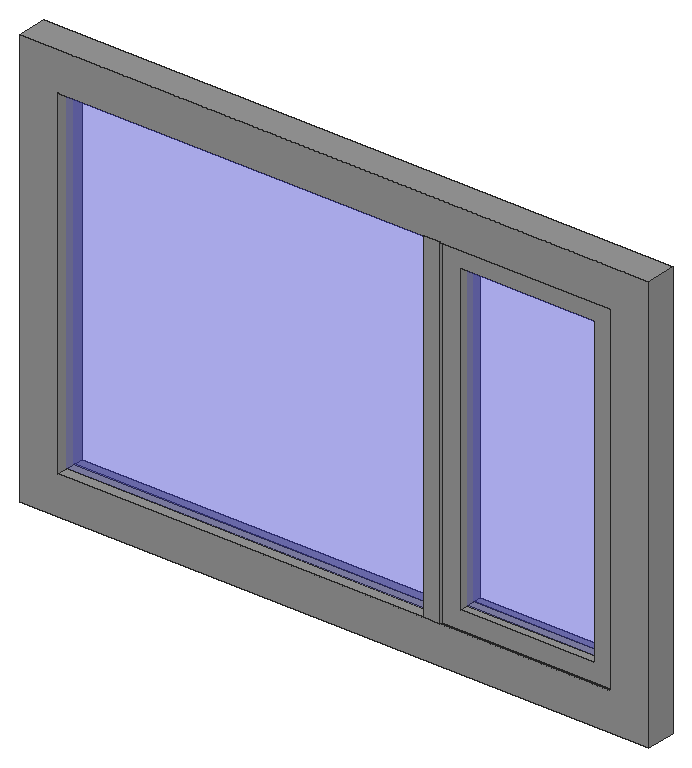
Revit family "Family22", category Windows, host Wall, Revit 2018
Family settings
  Host = Wall
  OmniClass Number = 23.30.20.00
  OmniClass Title = Windows
  Always vertical = Yes
  Cut with Voids When Loaded = No
  Shared = No
  Room Calculation Point = No
Parameters
  Window Frame = White
  Visual Light Transmittance = 0.81
  URL = "www.skywardwindows.co.za"
  Thermal Resistance (R) = 0.3196 (m²·K)/W
  Telephone = "021 276 1800"
  Solar Heat Gain Coefficient = 0.76
  Manufacturer = "Skyward Windows"
  Height = 1190 mm
  Heat Transfer Coefficient (U) = 3.1292 W/(m²·K)
  Glass Thickness = 4 mm
  Glass = Glass
  Frame Width = 46.195 mm
  Email Address = "info@skywardwindows.co.za"
  Default Sill Height = 800 mm
  Wall Closure = By host
  Width = 1790 mm
  Company Address = "Charles Matthews Street Atlantis 7349"
  Analytic Construction = "Double glazing - domestic"
Reference planes
  plane 1 "Center (Front/Back)": y = 0
  plane 2 "Center (Left/Right)": x = 0
  plane 3 "Left": x = -895
  plane 4 "Right": x = 895
  plane 5 "Sill": z = 800
  plane 6 "Head": z = 1990
  plane 7 "Exterior": y = 100
  plane 8 "Interior": y = -100
Forms (mm)
  Extrusion 1, solid, material "White" <- "Window Frame"
    sketch origin (0, -100, 0) x (1, 0, 0) y (0, 0, 1)
      loop
        line (-895, 1990) -> (-895, 800) -> (895, 800) -> (895, 1990) -> (-895, 1990)
      loop
        line (-786, 909) -> (786, 909) -> (786, 1881) -> (-786, 1881) -> (-786, 909)
    from -142 to -58
  Extrusion 2, solid, material "White" <- "Window Frame"
    sketch origin (0, -100, 0) x (1, 0, 0) y (0, 0, 1)
      loop
        line (300, 1881) -> (300, 909) -> (786, 909) -> (786, 1881) -> (300, 1881)
      loop
        line (353.034, 1831) -> (353.034, 959) -> (736, 959) -> (736, 1831) -> (353.034, 1831)
    from -134.904 to -64.489
  Extrusion 3, solid, material "White" <- "Window Frame"
    sketch origin (0, -100, 0) x (1, 0, 0) y (0, 0, 1)
      loop
        line (300, 1881) -> (253.805, 1881) -> (253.805, 909) -> (300, 909) -> (300, 1881)
    from -142 to -58
  Extrusion 4, solid, material "Glass" <- "Glass"
    sketch origin (0, 0, 0) x (1, 0, 0) y (0, 1, 0)
      loop
        line (-786, 14) -> (-786, 10) -> (253.805, 10) -> (253.805, 14) -> (-786, 14)
      loop
        line (253.805, -14) -> (253.805, -10) -> (-786, -10) -> (-786, -14) -> (253.805, -14)
    from 909 to 1881
  Extrusion 5, solid, material "Glass" <- "Glass"
    sketch origin (0, 0, 0) x (1, 0, 0) y (0, 1, 0)
      loop
        line (353.034, 14) -> (353.034, 10) -> (736, 10) -> (736, 14) -> (353.034, 14)
      loop
        line (736, -14) -> (736, -10) -> (353.034, -10) -> (353.034, -14) -> (736, -14)
    from 959 to 1831
Lines and regions (mm)
  Opening 1
    outline origin (3500, -100, 0) x (1, 0, 0) y (0, 0, 1)
      loop
        line (-2605, 800) -> (-2605, 1990) -> (-4395, 1990) -> (-4395, 800) -> (-2605, 800)
Text (mm)
  text "EXTERIOR" at (-1963.203, 1332.353, 0), in view "Ref. Level"
  text "INTERIOR" at (-1981.466, -818.386, 0), in view "Ref. Level"
  text "Exterior" at (0, 923.751, 2943.296), in view "Right"
  text "Exterior" at (0, 1040.484, 2685.409), in view "Left"
Dimensions and locks
  equal spacing: plane 3 "Left", plane 2 "Center (Left/Right)", plane 4 "Right"
  "Width": plane 3 "Left" to plane 4 "Right"
  "Height": plane 5 "Sill" to plane 6 "Head"
  "Default Sill Height": plane 5 "Sill" to level
  locked: plane 7 "Exterior" to host wall at 0
  locked: plane 8 "Interior" to host wall
  "Glass Thickness": Extrusion 4 to Extrusion 4
  "Glass Thickness": Extrusion 5 to Extrusion 5
  aligned and locked: Extrusion 1 sketch curve to host wall  (x4)
Automatic sketch dimensions
  Opening 1 sketch curve to plane 3 "Left" = 0 mm
  Opening 1 sketch curve to plane 4 "Right" = 0 mm
  Opening 1 sketch curve to plane 5 "Sill" = 0 mm
  Opening 1 sketch curve to plane 6 "Head" = 0 mm
  Extrusion 1 sketch curve to plane 3 "Left" = 109 mm
  plane 4 "Right" to Extrusion 1 sketch curve = 109 mm
  Extrusion 1 sketch curve to plane 5 "Sill" = 109 mm
  plane 6 "Head" to Extrusion 1 sketch curve = 109 mm
  Extrusion 2 sketch curve to plane 5 "Sill" = 109 mm
  Extrusion 2 sketch curve to plane 2 "Center (Left/Right)" = 300 mm
  Extrusion 2 sketch curve to Extrusion 2 sketch curve = 53.034 mm
  plane 4 "Right" to Extrusion 2 sketch curve = 159 mm
  Extrusion 2 sketch curve to Extrusion 2 sketch curve = 50 mm  (x3)
  plane 6 "Head" to Extrusion 2 sketch curve = 159 mm
  Extrusion 3 sketch curve to Extrusion 3 sketch curve = 46.195 mm
  Extrusion 3 sketch curve to plane 5 "Sill" = 109 mm
  plane 6 "Head" to Extrusion 3 sketch curve = 109 mm
  Extrusion 3 sketch curve to plane 2 "Center (Left/Right)" = 253.805 mm
  Extrusion 4 sketch curve to host wall = 14 mm
  Extrusion 4 sketch curve to plane 3 "Left" = 109 mm
  Extrusion 4 sketch curve to Extrusion 4 sketch curve = 0 mm  (x2)
  Extrusion 4 sketch curve to plane 2 "Center (Left/Right)" = 253.805 mm
  host wall to Extrusion 4 sketch curve = 10 mm
  Extrusion 4 sketch curve to Extrusion 4 sketch curve = 4 mm  (x2)
  Extrusion 5 sketch curve to host wall = 14 mm
  Extrusion 5 sketch curve to plane 2 "Center (Left/Right)" = 353.034 mm
  Extrusion 5 sketch curve to Extrusion 5 sketch curve = 0 mm  (x2)
  plane 4 "Right" to Extrusion 5 sketch curve = 159 mm
  host wall to Extrusion 5 sketch curve = 10 mm
  Extrusion 5 sketch curve to Extrusion 5 sketch curve = 4 mm  (x2)
